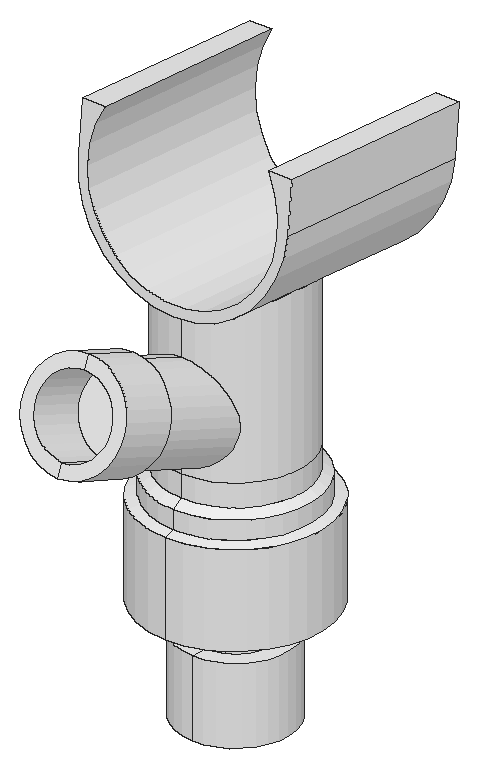
Revit family "xxShower_Arm_Bracket-American_Standard-Spectra-8888.096", category Plumbing Fixtures, host Face, Revit 2014
Parameters (values of type "8888.096")
  Width = 2 7/16"  # constant formula
  Water Connection Radius = 1/4"  # constant formula
  Water Connection Diameter = Water Connection Radius * 2  # 1/2"
  Waste Connection = no
  Warranty Information = "One Year General Product Warranty"  # constant formula
  WFU = 4  # constant formula
  Vent Connection = no
  URL = "https://www.americanstandard-us.com/"
  Type Comments = ""
  Product Page URL = "https://www.americanstandard-us.com/bathroom/shower-faucets/shower-arm-bracket-22466"
  Product Documentation Link = "https://www.americanstandard-us.com/-/media/sites/asus/files/product-specs/bulk/specsheet8888096.pdf?la=en"
  Price = "Prices may vary. Please consult Manufacturer Representative for most up-to-date price list."  # constant formula
  Model = "8888.096"  # constant formula
  Material = "Brass-American Standard-002-Polished Chrome"
  Manufacturer = "American Standard"  # constant formula
  Length = 3 9/16"  # constant formula
  Installation Type = "Attaches to shower arm."  # constant formula
  HWFU = 3  # constant formula
  HW Connection = yes
  Finish = Brass-American Standard-002-Polished Chrome
  Description = "Shower Arm Bracket"  # constant formula
  Default Elevation = 72"  # constant formula
  Creation Date = "01/18/2018"  # constant formula
  CWFU = 3  # constant formula
  CW Connection = yes
  Assembly Code = "D2020300"
Reference planes (in)
  plane 1 "Center (Front/Back)": y = 0
  plane 2: z = 0
  plane 3 "Center (Left/Right)": x = 0
  plane 4: z = 3.5625
  plane 5: y = 0.25
  plane 6: y = -0.25
  plane 7: y = 0.97249
  plane 8: y = -1.46501
Forms (in)
  Revolve 1, solid, material "Brass-American Standard-002-Polished Chrome" <- "Finish"
    sketch origin (0, 0, 0) x (0, 1, 0) y (0, 0, 1)
      loop
        line (-0.25, 0) -> (-0.25, 0.43364) -> (0, 0.43364) -> (0, 2.85635) -> (-0.44604, 2.85635) -> (-0.44604, 1.61666) -> (-0.44604, 1.47217) -> (-0.50766, 1.43207) -> (-0.50766, 1.31318) -> (-0.57539, 1.29503) -> (-0.57539, 0.69632) -> (-0.25, 0.69632) -> (-0.25, 0.5) -> (-0.35229, 0.5) -> (-0.35229, 0) -> (-0.25, 0)
      axis (0, 2.85635) -> (0, 0)
    angle from 0 to 360
  Revolve 2, solid, material "Brass-American Standard-002-Polished Chrome" <- "Finish"
    sketch origin (0, 0, 0) x (0, 1, 0) y (0, 0, 1)
      loop
        line (-1.42579, 2.11385) -> (-1.45831, 2.03334) -> (-1.10017, 1.88864) -> (-1.08491, 1.9264) -> (-0.15033, 1.5488) -> (-0.03941, 1.82335) -> (-0.97399, 2.20095) -> (-1.06764, 1.96915) -> (-1.42579, 2.11385)
      axis (-0.03941, 1.82335) -> (-1.33214, 2.34565)
    angle from 0 to 360
  Extrusion 3, solid, material "Brass-American Standard-002-Polished Chrome" <- "Finish"
    sketch origin (0, -0.3552, -0.31361) x (1, 0, 0) y (0, 0.104528, 0.994522)
      loop
        arc (0.53683, 3.85649) -> (0, 2.91143) -> (-0.53683, 3.85649) r 0.625
        line (-0.53683, 3.85649) -> (-0.6875, 3.85649) -> (-0.6875, 3.53643)
        arc (-0.6875, 3.53643) -> (0, 2.84893) -> (0.6875, 3.53643) r 0.6875
        line (0.6875, 3.53643) -> (0.6875, 3.85649) -> (0.53683, 3.85649)
    from -0.92967 to 0.45006
  Extrusion 4, void
    sketch origin (0, -1.28945, 6.34985) x (1, 0, 0) y (0, 0.098937, 0.995094)
      loop
        spline (-0.625, -3.01873) -> (-0.6037, -3.1796) -> (-0.54127, -3.32952) -> (-0.44194, -3.45825) -> (-0.3125, -3.55703) -> (-0.16176, -3.61913) -> (0, -3.64031) -> (0.16176, -3.61913) -> (0.3125, -3.55703) -> (0.44194, -3.45825) -> (0.54127, -3.32952) -> (0.6037, -3.1796) -> (0.625, -3.01873)
        spline (0.625, -3.01873) -> (0.6037, -2.85785) -> (0.54127, -2.70794) -> (0.44194, -2.57921) -> (0.3125, -2.48043) -> (0.16176, -2.41833) -> (0, -2.39715) -> (-0.16176, -2.41833) -> (-0.3125, -2.48043) -> (-0.44194, -2.57921) -> (-0.54127, -2.70794) -> (-0.6037, -2.85785) -> (-0.625, -3.01873)
    from -2.96098 to -0.62033
Cuts and joins
  Extrusion 4 cuts Revolve 1
  joined: Revolve 1, Revolve 2, Extrusion 3
Lines and regions (in)
  Masking region 1
    outline origin (0, 0, 0) x (1, 0, 0) y (0, 0, 1)
      loop
        line (0.6875, 3.56881) -> (0.53683, 3.56881) -> (0.53683, 3.42458)
        spline (0.53683, 3.42458) -> (0.54773, 3.40565) -> (0.55796, 3.38634) -> (0.5675, 3.36668) -> (0.57635, 3.34671) -> (0.58448, 3.32644) -> (0.59189, 3.3059) -> (0.59857, 3.28511) -> (0.60452, 3.2641) -> (0.60971, 3.2429) -> (0.61416, 3.22153) -> (0.61785, 3.20001) -> (0.62078, 3.17838)
        spline (0.62078, 3.17838) -> (0.58522, 3.03229) -> (0.51544, 2.89895) -> (0.41552, 2.78618) -> (0.29129, 2.70055) -> (0.15003, 2.64709) -> (0, 2.62892) -> (-0.15003, 2.64709) -> (-0.29129, 2.70055) -> (-0.41552, 2.78618) -> (-0.51544, 2.89895) -> (-0.58522, 3.03229) -> (-0.62078, 3.17838)
        spline (-0.62078, 3.17838) -> (-0.61785, 3.20001) -> (-0.61416, 3.22153) -> (-0.60971, 3.2429) -> (-0.60452, 3.2641) -> (-0.59857, 3.28511) -> (-0.59189, 3.3059) -> (-0.58448, 3.32644) -> (-0.57635, 3.34671) -> (-0.5675, 3.36668) -> (-0.55796, 3.38634) -> (-0.54773, 3.40565) -> (-0.53683, 3.42458)
        line (-0.53683, 3.42458) -> (-0.53683, 3.56881) -> (-0.6875, 3.56881) -> (-0.6875, 3.10627)
        spline (-0.6875, 3.10627) -> (-0.68572, 3.05704) -> (-0.68037, 3.00806) -> (-0.67149, 2.9596) -> (-0.65913, 2.91189) -> (-0.64335, 2.86519) -> (-0.62422, 2.81975) -> (-0.60186, 2.77579) -> (-0.57637, 2.73355) -> (-0.54789, 2.69324) -> (-0.51656, 2.65508) -> (-0.48255, 2.61926) -> (-0.44604, 2.58597)
        line (-0.44604, 2.58597) -> (-0.44604, 1.47217) -> (-0.50766, 1.43207) -> (-0.50766, 1.31318) -> (-0.57539, 1.29503) -> (-0.57539, 0.69632) -> (-0.25, 0.69632) -> (-0.25, 0.5) -> (-0.35229, 0.5) -> (-0.35229, 0) -> (0.35229, 0) -> (0.35229, 0.5) -> (0.25, 0.5) -> (0.25, 0.69632) -> (0.57539, 0.69632) -> (0.57539, 1.29503) -> (0.50766, 1.31318) -> (0.50766, 1.43207) -> (0.44604, 1.47217) -> (0.44604, 2.58597)
        spline (0.44604, 2.58597) -> (0.48255, 2.61926) -> (0.51656, 2.65508) -> (0.54789, 2.69324) -> (0.57637, 2.73355) -> (0.60186, 2.77579) -> (0.62422, 2.81975) -> (0.64335, 2.86519) -> (0.65913, 2.91189) -> (0.67149, 2.9596) -> (0.68037, 3.00806) -> (0.68572, 3.05704) -> (0.6875, 3.10627)
        line (0.6875, 3.10627) -> (0.6875, 3.56881)
  symbolic lines, detail levels medium+fine
    curve 1: line (0.25, 0, 0.5) -> (-0.25, 0, 0.5)
    curve 2: line (-0.25, 0, 0.69632) -> (0.25, 0, 0.69632)
    curve 3: line (0.57539, 0, 1.29503) -> (-0.57539, 0, 1.29503)
    curve 7: spline (0.44604, 0, 2.58597) -> (0.37557, 0, 2.53358) -> (0.29896, 0, 2.49057) -> (0.21744, 0, 2.45764) -> (0.13237, 0, 2.43533) -> (0.04513, 0, 2.42401) -> (-0.04285, 0, 2.42387) -> (-0.13013, 0, 2.4349) -> (-0.21528, 0, 2.45692) -> (-0.2969, 0, 2.48958) -> (-0.37366, 0, 2.53234) -> (-0.4443, 0, 2.5845) -> (-0.50766, 0, 2.6452)
  symbolic lines, detail levels fine
    curve 4: line (0.50766, 0, 1.31318) -> (-0.50766, 0, 1.31318)
    curve 5: line (-0.50766, 0, 1.43207) -> (0.50766, 0, 1.43207)
    curve 6: line (0.44604, 0, 1.47217) -> (-0.44604, 0, 1.47217)
    curve 8: spline (-0.62095, 0, 3.1769) -> (-0.61627, 0, 3.00276) -> (-0.56319, 0, 2.83676) -> (-0.46588, 0, 2.69192) -> (-0.33197, 0, 2.57963) -> (-0.17199, 0, 2.50869) -> (0.00149, 0, 2.4847) -> (0.17486, 0, 2.50952) -> (0.3345, 0, 2.58121) -> (0.46786, 0, 2.69414) -> (0.56448, 0, 2.83944) -> (0.61676, 0, 3.00569) -> (0.62061, 0, 3.17985)
    curve 9: line (-0.6875, 0, 3.42458) -> (-0.53683, 0, 3.42458)
    curve 10: line (0.53683, 0, 3.42458) -> (0.6875, 0, 3.42458)
Dimensions and locks (in)
  "Width": plane 7 to plane 8
  plane 5 to plane 6 = 1/2"
  "Length": plane 2 to plane 4
  aligned and locked: plane 2 to host face
  aligned and locked: level to host face
Automatic sketch dimensions
  host sketch curve to host sketch curve = 96"  (x2)
  Revolve 1 sketch curve to level = 0"
  Revolve 1 sketch curve to plane 6 = 0"  (x2)
  Revolve 1 sketch curve to plane 1 "Center (Front/Back)" = 0"  (x2)
  plane 6 to Revolve 1 sketch curve = 0.10229"
  plane 6 to Revolve 1 sketch curve = 0.19604"
  Revolve 1 sketch curve to Revolve 1 sketch curve = 0.06162"
  Revolve 1 sketch curve to Revolve 1 sketch curve = 0.06772"
  Revolve 1 sketch curve to Revolve 1 sketch curve = 0.43364"
  Revolve 1 sketch curve to Revolve 1 sketch curve = 0.06636"
  Revolve 1 sketch curve to Revolve 1 sketch curve = 0.19632"
  Revolve 1 sketch curve to Revolve 1 sketch curve = 0.59871"
  Revolve 1 sketch curve to Revolve 1 sketch curve = 0.01815"
  Revolve 1 sketch curve to Revolve 1 sketch curve = 0.1189"
  Revolve 1 sketch curve to Revolve 1 sketch curve = 0.0401"
  Revolve 1 sketch curve to Revolve 1 sketch curve = 0.14449"
  plane 4 to Revolve 1 sketch curve = 0.70615"
  Revolve 1 sketch curve to Revolve 1 sketch curve = 0.05336"
  plane 4 to Revolve 1 sketch curve = 1/4"
  Revolve 2 sketch curve to plane 8 = 0.00669"
  Revolve 2 sketch curve to plane 8 = 0.03922"
  Revolve 2 sketch curve to plane 8 = 0.36484"
  Revolve 2 sketch curve to Revolve 2 sketch curve = 0.01525"
  Revolve 2 sketch curve to Revolve 2 sketch curve = 0.01727"
  Revolve 2 sketch curve to Revolve 2 sketch curve = 0.09365"
  Revolve 2 sketch curve to plane 6 = 0.09967"
  level to Revolve 2 sketch curve = 1.5488"
  Revolve 2 sketch curve to Revolve 2 sketch curve = 0.27455"
  plane 8 to Revolve 2 sketch curve = 0.18487"
  Revolve 2 sketch curve to plane 8 = 0.13287"
  Revolve 2 sketch curve to Revolve 2 sketch curve = 0.2318"
  Revolve 2 sketch curve to Revolve 2 sketch curve = 0.12838"
  Extrusion 3 sketch curve to Extrusion 3 sketch curve = 0"  (x2)
  Extrusion 3 sketch curve to plane 3 "Center (Left/Right)" = 0"
  Extrusion 3 sketch curve to plane 3 "Center (Left/Right)" = 0.53683"
  Extrusion 3 sketch curve to Extrusion 3 sketch curve = 0.15067"  (x2)
  Extrusion 3 sketch curve to Extrusion 3 sketch curve = 0.32007"
  Extrusion 4 sketch curve to plane 3 "Center (Left/Right)" = 0"
  Extrusion 4 sketch curve to plane 3 "Center (Left/Right)" = 5/8"
  Masking region 1 sketch curve to plane 4 = 0.00631"  (x2)
  Masking region 1 sketch curve to plane 3 "Center (Left/Right)" = 0"  (x5)
  Masking region 1 sketch curve to level = 0"
  Masking region 1 sketch curve to plane 3 "Center (Left/Right)" = 1/4"
  Masking region 1 sketch curve to Masking region 1 sketch curve = 0.10229"  (x2)
  Masking region 1 sketch curve to plane 3 "Center (Left/Right)" = 0.44604"
  Masking region 1 sketch curve to Masking region 1 sketch curve = 0.06162"  (x2)
  plane 4 to Masking region 1 sketch curve = 0.13792"  (x2)
  Masking region 1 sketch curve to plane 3 "Center (Left/Right)" = 0.53683"
  Masking region 1 sketch curve to Masking region 1 sketch curve = 0.2231"  (x2)
  Masking region 1 sketch curve to Masking region 1 sketch curve = 0.15067"  (x2)
  plane 3 "Center (Left/Right)" to Masking region 1 sketch curve = 1/4"
  plane 3 "Center (Left/Right)" to Masking region 1 sketch curve = 0.44604"
  level to Masking region 1 sketch curve = 1/2"
  Masking region 1 sketch curve to Masking region 1 sketch curve = 1/2"
  Masking region 1 sketch curve to Masking region 1 sketch curve = 0.19632"  (x2)
  Masking region 1 sketch curve to Masking region 1 sketch curve = 0.59871"  (x2)
  Masking region 1 sketch curve to Masking region 1 sketch curve = 0.01815"  (x2)
  Masking region 1 sketch curve to Masking region 1 sketch curve = 0.1189"  (x2)
  Masking region 1 sketch curve to Masking region 1 sketch curve = 0.0401"  (x2)
  plane 4 to Masking region 1 sketch curve = 0.97653"
  Masking region 1 sketch curve to Masking region 1 sketch curve = 0.06672"  (x2)
  Masking region 1 sketch curve to Masking region 1 sketch curve = 1/16"
  Masking region 1 sketch curve to Masking region 1 sketch curve = 0"  (x5)
  Masking region 1 sketch curve to Masking region 1 sketch curve = 0.00422"
  Masking region 1 sketch curve to Masking region 1 sketch curve = 0.83862"
  Masking region 1 sketch curve to Masking region 1 sketch curve = 0.31831"
  Masking region 1 sketch curve to Masking region 1 sketch curve = 0.14422"
  curve 7 to plane 3 "Center (Left/Right)" = 0"
  curve 8 to plane 3 "Center (Left/Right)" = 0"
  level to curve 1 = 1/2"
  curve 2 to plane 3 "Center (Left/Right)" = 1/4"
  curve 2 to curve 1 = 0"  (x2)
  curve 6 to plane 3 "Center (Left/Right)" = 0.44604"
  curve 5 to curve 6 = 0.06162"
  curve 7 to plane 3 "Center (Left/Right)" = 0.50766"
  curve 5 to curve 4 = 0"
  curve 3 to curve 4 = 0.06772"
  curve 8 to curve 7 = 29/256"
  curve 8 to curve 8 = 0.00405"
  curve 7 to curve 8 = 1/16"
  plane 3 "Center (Left/Right)" to curve 2 = 1/4"
  plane 3 "Center (Left/Right)" to curve 7 = 0.44604"
  plane 3 "Center (Left/Right)" to curve 6 = 0.44604"
  curve 6 to curve 4 = 0.06162"
  curve 6 to curve 5 = 0.06162"
  curve 4 to curve 3 = 0.06772"
  plane 4 to curve 8 = 0.38265"
  curve 7 to curve 8 = 0.17457"
  curve 1 to curve 2 = 0.19632"
  curve 2 to curve 3 = 0.59871"
  curve 3 to curve 4 = 0.01815"
  curve 4 to curve 5 = 0.1189"
  curve 5 to curve 6 = 0.0401"
  curve 7 to curve 8 = 0.59388"
  curve 7 to curve 7 = 0.05923"
  curve 8 to curve 7 = 0"
Connectors (in)
  piping at (0, -1.33214, 2.34565), diameter 0.5, driven by "Water Connection Diameter"
    settings: on cut or joined group of Revolve 1, Revolve 2, Extrusion 3, Extrusion 4, index 1, connector inside diameter 24", connector length 0", flow factor 0, pipe flow 0 GPM, pressure drop 0.00 psi, fitting loss kfactor 0, connector angle 0.00°, fixture units 0, engagement length 0", angle of deflection 0.00°, flow configuration 0, flow direction 2, fitting loss method 0, system type 29, joint type 0, gender type 0, connector reference index -1, connector utility 0, adjustable connector no, is connector primary yes, connector description "1/2\" Supply Outlet"
  piping at (0, 0, 0), diameter 0.5, driven by "Water Connection Diameter"
    settings: on cut or joined group of Revolve 1, Revolve 2, Extrusion 3, Extrusion 4, index 2, connector inside diameter 24", connector length 0", flow factor 0, pipe flow 0 GPM, pressure drop 0.00 psi, fitting loss kfactor 0, connector angle 0.00°, fixture units 0, engagement length 0", angle of deflection 0.00°, flow configuration 0, flow direction 1, fitting loss method 0, system type 29, joint type 0, gender type 0, connector reference index -1, connector utility 0, adjustable connector no, is connector primary no, connector description "1/2\" Supply Inlet"
